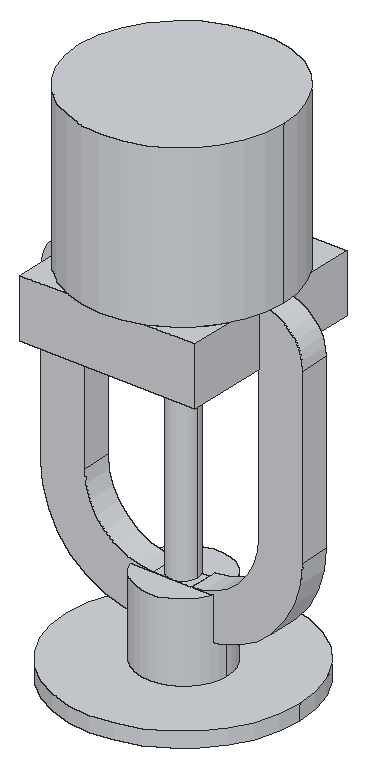
Revit family
Parameters (values of type "RASCO F156-300 PENDENT")
  Temperature Rating = 175 °F
  Response = (empty or 0)
  RASCO SIN # = "RA2514"
  RASCO Part # = "F56P5C3"
  Pressure Rating = "300 PSI"
  Pressure Class = 1
  Orifice Size = 1/2"
  Orifice = (empty or 0)
  Model = "F156-300"
  Manufacturer = "RASCO"
  K-Factor = 5.6
  Description = "Chrome Finish"
  Coverage = (empty or 0)
Reference planes (in)
  plane 1 "Center (Front/Back)": y = 0
  plane 2: z = 0
  plane 3 "Center (Left/Right)": x = 0
Dimensions and locks (in)
  aligned and locked: plane 2 to level
Nested families (in)
  nested 1: "F56P5C3" at (-0.0113, 0, 2.4375) x (-1, 0, 0) z (0, 0, -1), type "RASCO F156-300 PENDENT"
Connectors (in)
  piping at (-0.0113, 0, 2.4375)
    settings: on nested 1, index 1, connector radius 55/128", flow factor 0, pipe flow 0 GPM, pressure drop 0.00 psi, fitting loss kfactor 0, connector angle 0.00°, fixture units 0, flow configuration 0, flow direction 0, fitting loss method 0, system type 7, connector reference index -1, connector utility 0, adjustable connector no, is connector primary yes, fitting loss table "", connector description ""
Definition of nested family "F56P5C3"
  Parameters (values of type "RASCO F156-300 PENDENT")
    Type Comments = ""
    Temperature Rating = 0 °F
    Response = (empty or 0)
    Pressure Rating = "0"
    Pressure Class = (empty or 0)
    Orifice Size = 0"
    Orifice = (empty or 0)
    Model = ""
    Manufacturer = ""
    K-Factor = 0
    Description = ""
    Coverage = (empty or 0)
    Assembly Code = ""
  Reference planes (in)
    plane 1 "Center (Front/Back)": y = 0
    plane 2: z = 0
    plane 3 "ref.2": z = 0.6875
    plane 4 "ref.3": z = 0.9375
    plane 5: x = -0.38065
    plane 6: x = 0.36935
    plane 7 "ref. side 1": y = 0.06402
    plane 8 "ref. side 2": y = -0.06098
    plane 9 "ref.4": z = 1.875
    plane 10 "ref.5": z = 2.3125
    plane 11 "ref.6": z = 2.4375
  Forms (in)
    Extrusion 1, solid
      sketch origin (0, 0, 0) x (1, 0, 0) y (0, 1, 0)
        loop
          circle (0, 0) r 0.4379
      from 0 to 0.6875
    Extrusion 2, solid
      sketch origin (-0.12185, 0.05177, 0.6875) x (1, 0, 0) y (0, 1, 0)
        loop
          line (-0.2588, 0.356) -> (-0.2588, -0.4565) -> (0.4912, -0.4565) -> (0.4912, 0.356) -> (-0.2588, 0.356)
      from 0 to 0.25
    Extrusion 3, solid
      sketch origin (0, 0, 0) x (1, 0, 0) y (0, 0, 1)
        loop
          line (-0.38065, 0.68754) -> (-0.38065, 1.58397)
          arc (-0.38065, 1.58397) -> (-0.29541, 1.78976) -> (-0.08962, 1.875) r 0.29103
          line (-0.08962, 1.875) -> (0.07524, 1.875)
          arc (0.07524, 1.875) -> (0.28321, 1.78886) -> (0.36935, 1.58089) r 0.29411
          line (0.36935, 1.58089) -> (0.36935, 0.68751)
          arc (0.36935, 0.68751) -> (0.50207, 0.74393) -> (0.55685, 0.87734) r 0.18984
          line (0.55685, 0.87734) -> (0.55685, 1.61676)
          arc (0.55685, 1.61676) -> (0.42629, 1.93194) -> (0.11111, 2.0625) r 0.44574
          line (0.11111, 2.0625) -> (-0.12259, 2.0625)
          arc (-0.12259, 2.0625) -> (-0.43765, 1.932) -> (-0.56815, 1.61694) r 0.44556
          line (-0.56815, 1.61694) -> (-0.56815, 0.87876)
          arc (-0.56815, 0.87876) -> (-0.51345, 0.74486) -> (-0.38065, 0.68754) r 0.19126
      from -0.06402 to 0.06098
    Extrusion 4, solid
      sketch origin (0, 0, 0.9375) x (-1, 0, 0) y (0, -1, 0)
        loop
          circle (0.00574, -0.00152) r 0.0625
      from 0 to 0.9375
    Extrusion 5, solid
      sketch origin (0, 0, 1.875) x (-1, 0, 0) y (0, -1, 0)
        loop
          circle (0.00574, -0.00152) r 0.1875
      from 0 to 0.4375
    Extrusion 6, solid
      sketch origin (0, 0, 2.3125) x (0, -1, 0) y (1, 0, 0)
        loop
          circle (-0.00152, -0.00574) r 0.5
      from -0.10531 to -0.03987
  Cuts and joins
    joined: Extrusion 1, Extrusion 2, Extrusion 4
  Lines and regions (in)
    model lines
      curve 1: line (-0.00574, 0.06402, 1.875) -> (-0.00574, -0.06098, 1.875)
